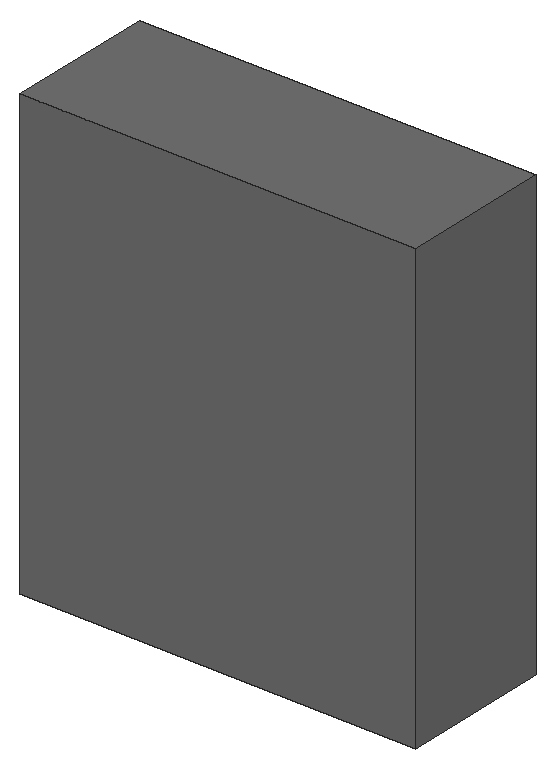
Revit family "FL0122E FAAST-LT aspirasjonsdetektor to kanals", category Fire Alarm Devices, Revit 2016
Family settings
  Maintain Annotation Orientation = No
  Part Type = Normal
  Round Connector Dimension = Use Diameter
  OmniClass Number = 23.85.30.21
  OmniClass Title = Environmental Detection/Registration
  Work Plane-Based = No
  Always vertical = Yes
  Cut with Voids When Loaded = No
  Shared = No
  Room Calculation Point = No
Parameters (values of type "Aspirasjonsdetektor")
  Type Comments = "-RY"
  NV Type tekst synlig = yes
  NV Type = "ASP"
  NV Montering tekst synlig [instance] = no
  NV Montering [instance] = "Vegg"
  NS8360 = "5423_XN3"
  Material = Plastic - Dark Grey
  h = 403 mm
  d = 135 mm
  b = 356 mm
  NV Symbol Offset Side [instance] = 0 mm
  NV Symbol Offset Out [instance] = 0 mm
  Model = "FAAST-LT"
  Manufacturer = "Honeywell"
  Load = 0 VA
  NV Symbol Positive Direction [instance] = yes
  Keynote = "XN3"
  Detektorklasse = ""
  CQ Voltage = 0 V
  Assembly Code = "5423"
Reference planes
  plane 1 "Center (Front/Back)": y = 0
  plane 2: z = 0
  plane 3 "Center (Left/Right)": x = 0
  plane 4: y = 135
  plane 5: x = -178
  plane 6: x = 178
  plane 7: z = 201.5
  plane 8: z = -201.5
Forms (mm)
  Extrusion 1, solid, material "Plastic - Dark Grey" <- "Material"
    sketch origin (0, 0, 0) x (1, 0, 0) y (0, 1, 0)
      loop
        line (-178, 135) -> (-178, 0) -> (178, 0) -> (178, 135) -> (-178, 135)
    from -201.5 to 201.5
Lines and regions (mm)
  Split face 1
    outline origin (178, 0, 0) x (-1, 0, 0) y (0, 0, -1)
      loop
        line (276, -201.5) -> (276, 78.5)
        arc (276, 78.5) -> (246.978, 146.052) -> (178, 171.5) r 93.128
        line (178, 171.5) -> (0, 171.5)
  Split face 2
    outline origin (178, 0, 0) x (-1, 0, 0) y (0, 0, -1)
      loop
        line (55.651, -201.5) -> (55.651, 6.321)
        arc (55.651, 6.321) -> (114.651, 65.321) -> (173.651, 6.321) r 59
        line (173.651, 6.321) -> (173.651, -201.5)
Dimensions and locks
  equal spacing: plane 5, plane 3 "Center (Left/Right)", plane 6
  "d": plane 1 "Center (Front/Back)" to plane 4
  equal spacing: plane 7, level, plane 8
  "h": plane 7 to plane 8
  "b": plane 5 to plane 6
  locked: plane 5 to Split face 1 sketch curve at 80
  locked: Split face 1 sketch curve to plane 8 at 30
  aligned and locked: Extrusion 1 sketch curve to plane 4
  aligned and locked: Extrusion 1 sketch curve to plane 5
  aligned and locked: Extrusion 1 sketch curve to plane 1 "Center (Front/Back)"
  aligned and locked: plane 6 to Extrusion 1 sketch curve
  aligned and locked: Extrusion 1 to plane 8
  aligned and locked: plane 7 to Extrusion 1
  aligned and locked: plane 1 "Center (Front/Back)" to nested 1
  aligned and locked: plane 3 "Center (Left/Right)" to nested 1
Automatic sketch dimensions
  Split face 1 sketch curve to Extrusion 1 = 123 mm
  Split face 1 sketch curve to Split face 1 sketch curve = 4.872 mm
  Split face 1 sketch curve to Extrusion 1 = 0 mm  (x2)
  Split face 2 sketch curve to Extrusion 1 = 0 mm  (x2)
  Split face 2 sketch curve to Extrusion 1 = 114.651 mm
  Split face 2 sketch curve to Extrusion 1 = 195.179 mm
  Split face 2 sketch curve to Extrusion 1 = 55.651 mm
Nested families
  nested 1: "Aspirasjonsdet" at (0, 0, 0), type "Type 1"
Connectors
  electrical at (0, 0, 0), driven by "CQ Voltage", driven by "Load"
    settings: index 1, voltage 0 V, apparent load 0 VA, apparent load phase1 0 VA, apparent load phase2 0 VA, apparent load phase3 0 VA, power factor 1, load classification "Other", number of poles 1, system type 31, power factor state 1, is connector primary no, connector utility no, sub classification motor no, connector description ""
  electrical at (0, 0, 0)
    settings: index 2, voltage 0 V, apparent load 0 VA, apparent load phase1 0 VA, apparent load phase2 0 VA, apparent load phase3 0 VA, power factor 1, load classification "Other", number of poles 1, system type 11, power factor state 1, is connector primary yes, connector utility no, sub classification motor no, connector description ""
Definition of nested family "Aspirasjonsdet"
  Parameters (values of type "Type 1")
    Type tekst synlig = yes
    Type = "ASP"
    Montering tekst synlig = no
    Montering = "Vegg"
    CQ Symbol Positive Direction = yes
    CQ Symbol Negative Direction = not(CQ Symbol Positive Direction)  # no
    CQ Symbol Offset Side = 0 mm
    CQ Symbol Offset Out = 0 mm
  Reference planes
    plane 1: y = 0
    plane 2: x = 0
  Dimensions and locks
    "CQ Symbol Offset Side": nested 2 to plane 2
    "CQ Symbol Offset Side": plane 2 to nested 1
    "CQ Symbol Offset Out": plane 1 to nested 1
    "CQ Symbol Offset Out": plane 1 to nested 2
  Nested families
    nested 1: "Brannalarmsentral" at (0, 0, 0), visible <- "CQ Symbol Positive Direction", type "Type1"
    nested 2: "Brannalarmsentral" at (0, 0, 0), visible <- "CQ Symbol Negative Direction", type "Type1"
  Definition of nested family "Brannalarmsentral"
    Parameters (values of type "Type1")
      Type tekst synlig = yes
      Type = "BS"
      Montering tekst synlig = no
      Montering = "Vegg"
    Reference planes
      plane 1: y = 0
      plane 2: x = 0
    Lines and regions (mm)
      detail lines
        curve 1: line (-2.5, 2, 0) -> (2.5, 2, 0)
        curve 2: line (2.5, 2, 0) -> (2.5, 7, 0)
        curve 3: line (2.5, 7, 0) -> (-2.5, 7, 0)
        curve 4: line (-2.5, 7, 0) -> (-2.5, 2, 0)
        curve 5: circle (-1.25, 3, 0) r 0.25 normal (0, 0, 1)
        curve 6: line (-1.25, 3.75, 0) -> (-1, 6, 0)
        curve 7: arc (-1, 6, 0) -> (-1.25, 6.25, 0) -> (-1.5, 6, 0) r 0.25
        curve 8: line (-1.5, 6, 0) -> (-1.25, 3.75, 0)
        curve 9: line (-1.25, 5, 0) -> (-1.25, 6, 0)
      detail lines, visible <- "Type tekst synlig"
        curve 10: line (-2.5, 0, 0) -> (2.5, 0, 0)
        curve 11: line (-2.5, 0, 0) -> (-2.5, 2, 0)
        curve 12: line (2.5, 0, 0) -> (2.5, 2, 0)
    Nested families
      nested 1: "txt 1_50" at (3.379, 6.924, 0), visible <- "Montering tekst synlig", Type Name <- "Montering", type "txt"
        with Type Name "Vegg"
      nested 2: "txt 1_50" at (-1.949, 0.863, 0), visible <- "Type tekst synlig", Type Name <- "Type", type "txt"
        with Type Name "BS"
    Definition of nested family "txt 1_50"
      Parameters (values of type "txt")
        Type Name [instance] = "HIM"
      Reference planes
        plane 1: y = 0
        plane 2: x = 0
      Text (mm)
        label "TXT" at (1.952, 0, 0), shows "Type Name"
